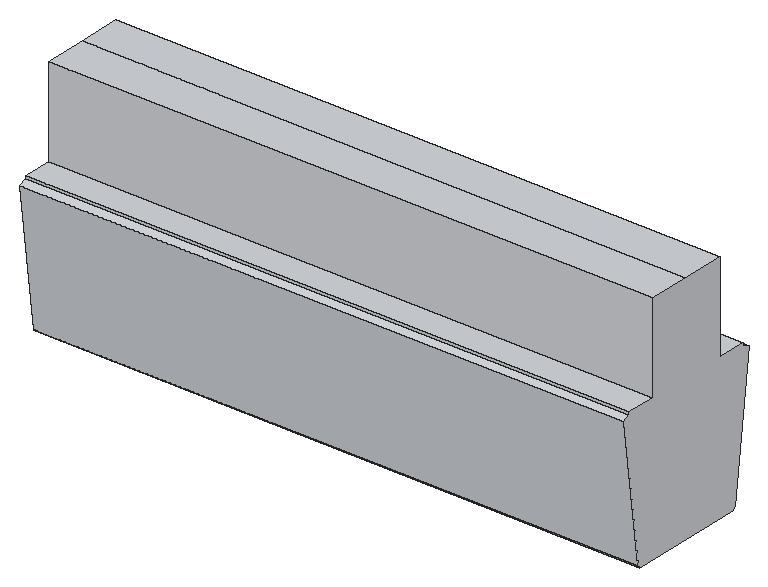
Revit family "KB d=600_Precast-Console Beam_Spæncom", category Structural Framing, Revit 2014
Parameters (values of type "KB97/37")
  Structural Material [instance] = none
  Model = "KB 97/37"
  Manufacturer = "Spæncom"
  Length [instance] = 3000 mm
  Height (bjælkekroppen) = 370 mm
  Width (bjælkekroppen) = 350 mm  # constant formula
  Height console = 600 mm  # constant formula
  Width console = 150 mm  # constant formula
  Height element = 970 mm
  Base width = 500 mm  # constant formula
Types (9, lengths in mm): name | Model | Height (bjælkekroppen) | Height element
  KB78/18 | "KB 78/18" | 180 | 780
  KB82/22 | "KB 82/22" | 220 | 820
  KB87/27 | "KB 87/27" | 270 | 870
  KB92/32 | "KB 92/32" | 320 | 920
  KB97/37 | "KB 97/37" | 370 | 970
  KB90/30 | "KB 90/30" | 300 | 900
  KB100/40 | "KB 100/40" | 400 | 1000
  KB110/50 | "KB 110/50" | 500 | 1100
  KB120/60 | "KB 120/60" | 600 | 1200
Reference planes
  plane 1 "Center (Front/Back)": y = 0
  plane 2 "Center Elevation": z = 0
  plane 3 "Center (Left/Right)": x = 0
  plane 4 "Left": x = -1500
  plane 5 "Member Left": x = -1250
  plane 6 "Stick Symbol Left": x = -1000
  plane 7 "Right": x = 1500
  plane 8 "Member Right": x = 1250
  plane 9 "Stick Symbol Right": x = 1000
  plane 10: z = 0
  plane 11: y = 250
  plane 12: y = -250
  plane 13: through (0, -251.24, 9.923) normal (0, 0.9923, 0.124)
  plane 14: through (0, 271.875, 175) normal (0, -0.9923, 0.124)
  plane 15: z = 600
  plane 16: y = -175
  plane 17: y = 175
Forms (mm)
  Extrusion 1, solid, material <- "Structural Material"
    sketch origin (0, 0, 150) x (0, 1, 0) y (0, 0, 1)
      loop
        line (240, -150) -> (251.24, -140.077) -> (321.827, 424.612) -> (295, 439.612) -> (295, 450) -> (175, 450) -> (175, 820) -> (0, 820) -> (-175, 820) -> (-175, 450) -> (-295, 450) -> (-295, 439.612) -> (-321.827, 424.612) -> (-251.24, -140.077) -> (-240, -150) -> (240, -150)
    from -1250 to 1250
Dimensions and locks
  equal spacing: plane 4 "Left", plane 3 "Center (Left/Right)", plane 7 "Right"
  "Length": plane 4 "Left" to plane 7 "Right"
  "Base width": plane 14 to plane 13
  "Height (bjælkekroppen)": Extrusion 1 to Extrusion 1
  "Height console": Extrusion 1 to Extrusion 1
  "Width console": plane 15 to Extrusion 1
  "Width (bjælkekroppen)": Extrusion 1 to Extrusion 1
  "Width console": Extrusion 1 to plane 15
  locked: plane 15 to Extrusion 1 sketch curve at 30
  locked: Extrusion 1 sketch curve to plane 15 at 30
  aligned and locked: plane 5 "Member Left" to Extrusion 1
  aligned and locked: Extrusion 1 to plane 8 "Member Right"
  aligned and locked: level to plane 2 "Center Elevation"
Automatic sketch dimensions
  Extrusion 1 sketch curve to plane 13 = 0 mm  (x2)
  Extrusion 1 sketch curve to plane 15 = 0 mm  (x2)
  Extrusion 1 sketch curve to level = 0 mm
  Extrusion 1 sketch curve to plane 16 = 0 mm
  Extrusion 1 sketch curve to plane 1 "Center (Front/Back)" = 0 mm
  Extrusion 1 sketch curve to plane 17 = 0 mm
  Extrusion 1 sketch curve to plane 14 = 0 mm  (x2)
  Extrusion 1 sketch curve to plane 12 = 10 mm
  plane 12 to Extrusion 1 sketch curve = 1.24 mm
  Extrusion 1 sketch curve to plane 15 = 10.388 mm  (x2)
  Extrusion 1 sketch curve to plane 15 = 25.388 mm  (x2)
  plane 11 to Extrusion 1 sketch curve = 10 mm
  Extrusion 1 sketch curve to plane 11 = 1.24 mm
  plane 15 to Extrusion 1 sketch curve = 370 mm
